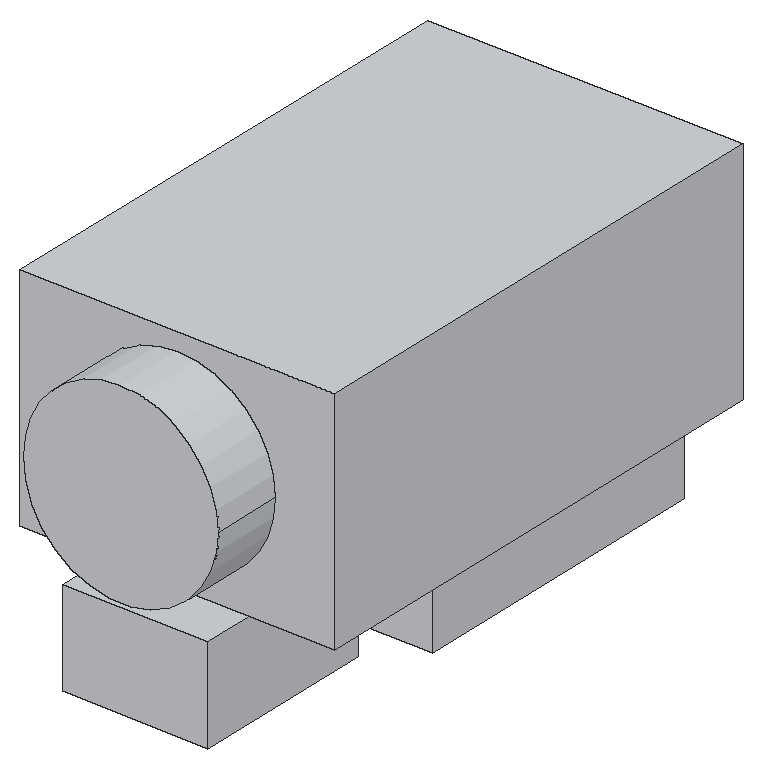
Revit family "EZTE-ELECTRIC ENCL BTM", category Mechanical Equipment, Revit 2018
Family settings
  Round Connector Dimension = Use Diameter
  Part Type = Normal
  OmniClass Number = 23.75.00.00
  OmniClass Title = Climate Control (HVAC)
  Work Plane-Based = No
  Always vertical = Yes
  Cut with Voids When Loaded = No
  Shared = No
  Room Calculation Point = No
Parameters (values of type "Inlet Size 16 With Controller")
  Width = 0' - 7 1/4"
  Inlet Distance S = 0' - 5 3/8"
  Enclosure Optional = yes
  Enclosure Length = 1' - 2 7/32"
  Enclosure Height = 0' - 11 3/32"
  Enclosure Distance from Front = 0' - 4"
  Electric Encl distance from discharge = 0' - 2 1/8"
  Electric Encl Length = 2' - 0"
  Electric Encl E Dimension = 1' - 5 1/2"
  EZTE Width = 2' - 0"
  Inlet Radius = Inlet Diameter / 2  # 0' - 7 7/16"
  Inlet Diameter = 1' - 2 7/8"
  EZTE Rear Side = EZTE Length - Discharge  # 3' - 2 7/8"
  EZTE Length = 3' - 3 1/2"
  EZTE Height = 1' - 5 1/2"
  Discharge = 0' - 0 5/8"
  DisCharge Width = EZTE Width - 0' 1 1/4"  # 1' - 10 3/4"
  DisCharge Height = EZTE Height - 0' 1 1/4"  # 1' - 4 1/4"
  Between Encl and Electric = 0' - 3 13/64"
Types (10): name | Electric Encl E Dimension | EZTE Width | Inlet Radius | Inlet Diameter | EZTE Height | DisCharge Width | DisCharge Height | Between Encl and Electric
  (no name) | 1' - 5 1/2" | 2' - 0" | 0' - 7 7/16" | 1' - 2 7/8" | 1' - 5 1/2" | 1' - 10 3/4" | 1' - 4 1/4" | 0' - 3 13/64"
  Inlet Size 06 With Controller | 1' - 0" | 0' - 10" | 0' - 2 15/16" | 0' - 5 7/8" | 0' - 10" | 0' - 8 3/4" | 0' - 8 3/4" | 0' - 0 7/16"
  Inlet Size 05 With Controller | 1' - 0" | 0' - 10" | 0' - 2 7/16" | 0' - 4 7/8" | 0' - 10" | 0' - 8 3/4" | 0' - 8 3/4" | 0' - 0 7/16"
  Inlet Size 07 With Controller | 1' - 0" | 1' - 0" | 0' - 3 7/16" | 0' - 6 7/8" | 0' - 10" | 0' - 10 3/4" | 0' - 8 3/4" | 0' - 0 7/16"
  Inlet Size 08 With Controller | 1' - 0" | 1' - 0" | 0' - 3 15/16" | 0' - 7 7/8" | 0' - 10" | 0' - 10 3/4" | 0' - 8 3/4" | 0' - 0 7/16"
  Inlet Size 09 With Controller | 1' - 0 1/2" | 1' - 2" | 0' - 4 7/16" | 0' - 8 7/8" | 1' - 0 1/2" | 1' - 0 3/4" | 0' - 11 1/4" | 0' - 0 11/16"
  Inlet Size 10 With Controller | 1' - 0 1/2" | 1' - 2" | 0' - 4 15/16" | 0' - 9 7/8" | 1' - 0 1/2" | 1' - 0 3/4" | 0' - 11 1/4" | 0' - 0 11/16"
  Inlet Size 12 With Controller | 1' - 3" | 1' - 4" | 0' - 5 15/16" | 0' - 11 7/8" | 1' - 3" | 1' - 2 3/4" | 1' - 1 3/4" | 0' - 1 61/64"
  Inlet Size 14 With Controller | 1' - 5 1/2" | 1' - 8" | 0' - 6 15/16" | 1' - 1 7/8" | 1' - 5 1/2" | 1' - 6 3/4" | 1' - 4 1/4" | 0' - 3 13/64"
  Inlet Size 16 With Controller | 1' - 5 1/2" | 2' - 0" | 0' - 7 7/16" | 1' - 2 7/8" | 1' - 5 1/2" | 1' - 10 3/4" | 1' - 4 1/4" | 0' - 3 13/64"
Reference planes (in)
  plane 1 "Center (Front/Back)": y = 0
  plane 2: z = 0
  plane 3 "Center (Left/Right)": x = 0
  plane 4 "EZTE Box Left Ref": x = -12
  plane 5 "EZTE Box Right Ref": x = 12
  plane 6 "Discharge Width Ref": y = 39.5
  plane 7 "Electric Encl Rear Ref": y = 37.375
  plane 8 "Electric Front Ref": y = 13.375
  plane 9 "Enclosure Rear Ref": y = 10.21875
  plane 10 "Enclosure Front Ref": y = -4
  plane 11 "Discharge Left Ref": x = -11.375
  plane 12 "Discharge Right Ref": x = 11.375
  plane 13 "EZTE Rear Ref": y = 38.875
  plane 14: z = 7.25
  plane 15: z = 3.625
  plane 16: z = 16
  plane 17: z = 24.75
  plane 18 "Electric Left Ref": x = -8.75
  plane 19 "Electric Right Ref": x = 8.75
  plane 20: z = 24.17982
  plane 21: z = 8.03144
  plane 22 "Enclosure Right Ref": x = 5.54688
  plane 23 "Enclosure Left Ref": x = -5.54687
Forms (in)
  Extrusion 1, solid
    sketch origin (0, 0, 0) x (1, 0, 0) y (0, 1, 0)
      loop
        line (-8.75, 37.375) -> (-8.75, 13.375) -> (8.75, 13.375) -> (8.75, 37.375) -> (-8.75, 37.375)
    from 0 to 7.25 <- "Width"
  Extrusion 2, solid
    sketch origin (0, 38.875, 0) x (1, 0, 0) y (0, 0, 1)
      loop
        line (12, 24.75) -> (-12, 24.75) -> (-12, 7.25) -> (12, 7.25) -> (12, 24.75)
    from 0 to 38.875 <- "EZTE Rear Side"
  Extrusion 3, solid
    sketch origin (0, 0, 0) x (1, 0, 0) y (0, 0, 1)
      loop
        circle (0, 16) r 7.4375
    from 0 to 5.375 <- "Inlet Distance S"
  Extrusion 4, solid
    sketch origin (0, 39.5, 0) x (1, 0, 0) y (0, 0, 1)
      loop
        line (-11.375, 24.17982) -> (-11.375, 8.03144) -> (11.375, 8.03144) -> (11.375, 24.17982) -> (-11.375, 24.17982)
    from 0 to 0.625 <- "Discharge"
Dimensions and locks (in)
  equal spacing: plane 11 "Discharge Left Ref", plane 3 "Center (Left/Right)", plane 12 "Discharge Right Ref"
  "EZTE Width": plane 4 "EZTE Box Left Ref" to plane 5 "EZTE Box Right Ref"
  "Electric Encl distance from discharge": plane 6 "Discharge Width Ref" to plane 7 "Electric Encl Rear Ref"
  "Enclosure Distance from Front": plane 10 "Enclosure Front Ref" to plane 1 "Center (Front/Back)"
  "Enclosure Length": plane 9 "Enclosure Rear Ref" to plane 10 "Enclosure Front Ref"
  "Discharge": plane 12 "Discharge Right Ref" to plane 5 "EZTE Box Right Ref"
  "Discharge": plane 4 "EZTE Box Left Ref" to plane 11 "Discharge Left Ref"
  "Electric Encl Length": plane 8 "Electric Front Ref" to plane 7 "Electric Encl Rear Ref"
  "EZTE Length": plane 6 "Discharge Width Ref" to plane 1 "Center (Front/Back)"
  "Discharge": plane 6 "Discharge Width Ref" to plane 13 "EZTE Rear Ref"
  equal spacing: plane 14, plane 15, level
  "Width": plane 14 to level
  equal spacing: plane 17, plane 16, plane 14
  "EZTE Height": plane 17 to plane 14
  plane 17 to plane 20 = 0' - 0.57018"
  plane 21 to plane 14 = 0' - 0.78144"
  equal spacing: plane 23 "Enclosure Left Ref", plane 3 "Center (Left/Right)", plane 22 "Enclosure Right Ref"
  "Enclosure Height": plane 23 "Enclosure Left Ref" to plane 22 "Enclosure Right Ref"
  equal spacing: plane 4 "EZTE Box Left Ref", plane 3 "Center (Left/Right)", plane 5 "EZTE Box Right Ref"
  "Between Encl and Electric": plane 22 "Enclosure Right Ref" to plane 19 "Electric Right Ref"
  "Between Encl and Electric": plane 18 "Electric Left Ref" to plane 23 "Enclosure Left Ref"
  "Inlet Radius": radius of Extrusion 3 sketch curve
  aligned and locked: level to plane 2
  aligned and locked: plane 7 "Electric Encl Rear Ref" to Extrusion 1 sketch curve
  aligned and locked: plane 18 "Electric Left Ref" to Extrusion 1 sketch curve
  aligned and locked: Extrusion 1 sketch curve to plane 8 "Electric Front Ref"
  aligned and locked: plane 17 to Extrusion 2 sketch curve
  aligned and locked: Extrusion 2 sketch curve to plane 5 "EZTE Box Right Ref"
  aligned and locked: Extrusion 2 sketch curve to plane 4 "EZTE Box Left Ref"
  aligned and locked: plane 14 to Extrusion 2 sketch curve
  aligned and locked: plane 20 to Extrusion 4 sketch curve
  aligned and locked: plane 11 "Discharge Left Ref" to Extrusion 4 sketch curve
  aligned and locked: plane 21 to Extrusion 4 sketch curve
  aligned and locked: plane 12 "Discharge Right Ref" to Extrusion 4 sketch curve
  aligned and locked: plane 10 "Enclosure Front Ref" to nested 1
  aligned and locked: nested 1 to plane 23 "Enclosure Left Ref"
  aligned and locked: Extrusion 1 to plane 19 "Electric Right Ref"  (x2)
Automatic sketch dimensions
  plane 5 "EZTE Box Right Ref" to Extrusion 1 sketch curve = 0' - 3 1/4"
  Extrusion 3 sketch curve to plane 3 "Center (Left/Right)" = 0' - 0"
  Extrusion 3 sketch curve to plane 16 = 0' - 0"
Nested families (in)
  nested 1: "EZTE ENCL BTM" at (0, 0, 0), visible <- "Enclosure Optional", type "Inlet Size 06"
Connectors (in)
  hvac at (0, -5.375, 16), driven by "Inlet Diameter"
    settings: on Extrusion 3, index 1, duct flow 0 CFM, flow factor 0, pres drop 0.00 in-wg, loss coef 0, conn angle 0.00°, conn width 12", conn height 12", conn diameter 14 7/8", duct sys type 1, conn prof type 0, flow config 0, flow direction 1, loss method 0, conn ref index -1, conn util no, is conn primary yes, conn desc ""
  hvac at (0, 39.5, 16.10563), driven by "DisCharge Height", driven by "DisCharge Width"
    settings: on Extrusion 4, index 2, duct flow 0 CFM, flow factor 0, pres drop 0.00 in-wg, loss coef 0, conn angle 0.00°, conn width 22 3/4", conn height 16 1/4", conn diameter 24", duct sys type 1, conn prof type 1, flow config 0, flow direction 2, loss method 0, conn ref index -1, conn util no, is conn primary no, conn desc ""
  electrical at (0, 3.10937, 0)
    settings: on nested 1, index 3, voltage 0 V, apparent load 0 VA, apparent load phase1 0 VA, apparent load phase2 0 VA, apparent load phase3 0 VA, power factor 1, load classification "Other", number of poles 1, system type 31, power factor state 1, is connector primary yes, connector utility no, sub classification motor no, connector description ""
  electrical at (0, 25.375, 0)
    settings: on Extrusion 1, index 4, voltage 0 V, apparent load 0 VA, apparent load phase1 0 VA, apparent load phase2 0 VA, apparent load phase3 0 VA, power factor 1, load classification "Other", number of poles 1, system type 31, power factor state 1, is connector primary no, connector utility no, sub classification motor no, connector description ""
Definition of nested family "EZTE ENCL BTM"
  Parameters (values of type "Inlet Size 06")
    Width = 0' - 7 1/4"
    Enclosure Length = 1' - 2 7/32"
    Enclosure Height = 0' - 11 3/32"
    Enclosure Distance from Front = 0' - 4"
    Electric Encl distance from discharge = 0' - 2 1/8"
    Electric Encl Length = 2' - 0"
    Electric Encl Height = 1' - 0"
    EZTE Width = 0' - 10"
    Inlet Radius = Inlet Diameter / 2  # 0' - 2 15/16"
    Inlet Diameter = 0' - 5 7/8"
    EZTE Length = 3' - 3 1/2"
    EZTE Height = 0' - 10"
    Discharge = 0' - 0 5/8"
    DisCharge Width = EZTE Width - 0' 1 1/4"  # 0' - 8 3/4"
    DisCharge Height = EZTE Height - 0' 1 1/4"  # 0' - 8 3/4"
  Types (4): name | Width | Enclosure Length | Enclosure Height | Enclosure Distance from Front | Electric Encl distance from discharge | Electric Encl Length | Electric Encl Height | EZTE Width | Inlet Radius | Inlet Diameter | EZTE Length | EZTE Height | Discharge | DisCharge Width | DisCharge Height
    (no name) | 0' - 7 1/4" | 1' - 2 7/32" | 0' - 11 3/32" | 0' - 4" | 0' - 2 1/8" | 2' - 0" | 1' - 0" | 0' - 10" | 0' - 2 15/16" | 0' - 5 7/8" | 3' - 3 1/2" | 0' - 10" | 0' - 0 5/8" | 0' - 8 3/4" | 0' - 8 3/4"
    Inlet Size 06 | 0' - 7 1/4" | 1' - 2 7/32" | 0' - 11 3/32" | 0' - 4" | 0' - 2 1/8" | 2' - 0" | 1' - 0" | 0' - 10" | 0' - 2 15/16" | 0' - 5 7/8" | 3' - 3 1/2" | 0' - 10" | 0' - 0 5/8" | 0' - 8 3/4" | 0' - 8 3/4"
    Inlet Size 06 no Controller | 0' - 7.39886" | 2' - 7.86305" | 1' - 2.91717" | 0' - 10.26527" | 0' - 2.88022" | 3' - 4.89821" | 0' - 0" | 2' - 4.19856" | 0' - 0" | 0' - 0" | 6' - 1.621" | 0' - 8.39363" | 0' - 2" | 2' - 2.94856" | -0' - 1 1/4"
    Type 3 | 0' - 7.39886" | 2' - 7.86305" | 1' - 2.91717" | 0' - 10.26527" | 0' - 2.88022" | 3' - 4.89821" | 0' - 0" | 2' - 4.19856" | 0' - 0" | 0' - 0" | 6' - 1.621" | 0' - 8.39363" | 0' - 2" | 2' - 2.94856" | -0' - 1 1/4"
  Reference planes (in)
    plane 1 "Center (Front/Back)": y = 0
    plane 2: z = 0
    plane 3 "Center (Left/Right)": x = 0
    plane 4 "EZTE Box Left Ref": x = -5
    plane 5 "EZTE Box Right Ref": x = 5
    plane 6 "Discharge Width Ref": y = 39.5
    plane 7 "Electric Encl Rear Ref": y = 37.375
    plane 8 "Electric Front Ref": y = 13.375
    plane 9 "Enclosure Rear Ref": y = 10.21875
    plane 10 "Enclosure Front Ref": y = -4
    plane 11 "Discharge Left Ref": x = -4.375
    plane 12 "Discharge Right Ref": x = 4.375
    plane 13: y = 38.875
    plane 14: z = 7.25
    plane 15: z = 3.625
    plane 16: z = 12.25
    plane 17: z = 17.25
    plane 18 "Enclosure Right Ref": x = 5.54688
    plane 19 "Enclosure Left Ref": x = -5.54687
  Forms (in)
    Extrusion 1, solid
      sketch origin (0, 0, 0) x (1, 0, 0) y (0, 1, 0)
        loop
          line (-5.54687, 10.21875) -> (-5.54687, -4) -> (5.54688, -4) -> (5.54688, 10.21875) -> (-5.54687, 10.21875)
      from 0 to 7.25 <- "Width"
  Dimensions and locks (in)
    equal spacing: plane 11 "Discharge Left Ref", plane 3 "Center (Left/Right)", plane 12 "Discharge Right Ref"
    "EZTE Width": plane 4 "EZTE Box Left Ref" to plane 5 "EZTE Box Right Ref"
    "Electric Encl distance from discharge": plane 6 "Discharge Width Ref" to plane 7 "Electric Encl Rear Ref"
    "Enclosure Distance from Front": plane 10 "Enclosure Front Ref" to plane 1 "Center (Front/Back)"
    "Enclosure Length": plane 9 "Enclosure Rear Ref" to plane 10 "Enclosure Front Ref"
    "Discharge": plane 12 "Discharge Right Ref" to plane 5 "EZTE Box Right Ref"
    "Discharge": plane 4 "EZTE Box Left Ref" to plane 11 "Discharge Left Ref"
    "Electric Encl Length": plane 8 "Electric Front Ref" to plane 7 "Electric Encl Rear Ref"
    "EZTE Length": plane 6 "Discharge Width Ref" to plane 1 "Center (Front/Back)"
    "Discharge": plane 6 "Discharge Width Ref" to plane 13
    equal spacing: plane 14, plane 15, level
    "Width": plane 14 to level
    equal spacing: plane 17, plane 16, plane 14
    "EZTE Height": plane 17 to plane 14
    equal spacing: plane 19 "Enclosure Left Ref", plane 3 "Center (Left/Right)", plane 18 "Enclosure Right Ref"
    "Enclosure Height": plane 19 "Enclosure Left Ref" to plane 18 "Enclosure Right Ref"
    aligned and locked: level to plane 2
    aligned and locked: Extrusion 1 sketch curve to plane 9 "Enclosure Rear Ref"
    aligned and locked: Extrusion 1 sketch curve to plane 19 "Enclosure Left Ref"
    aligned and locked: Extrusion 1 sketch curve to plane 10 "Enclosure Front Ref"
    aligned and locked: Extrusion 1 sketch curve to plane 18 "Enclosure Right Ref"
